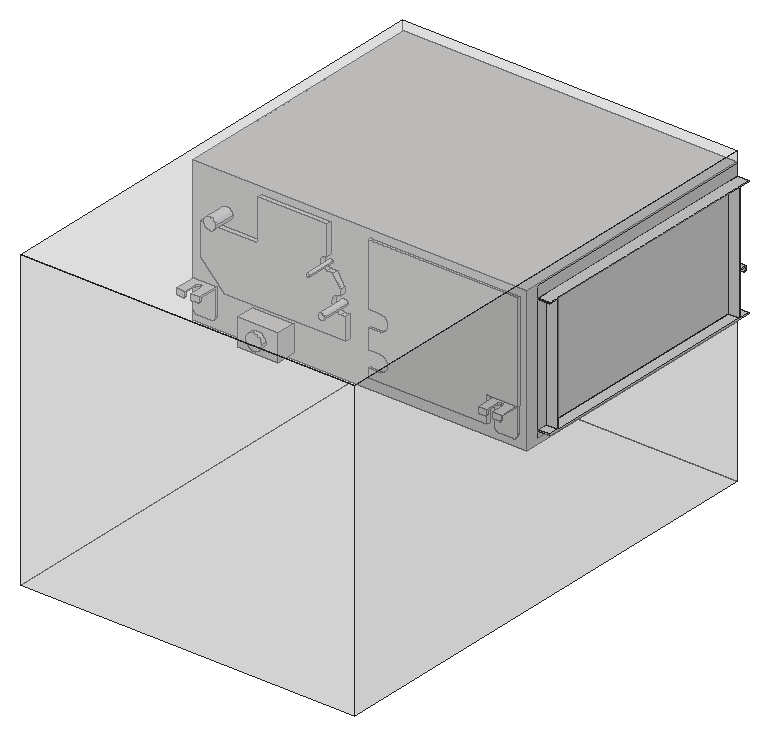
Revit family "outputfile", category 機械設備, Revit 2024
Family settings
  丸型コネクタ寸法 = 半径を使用
  パーツ タイプ = 標準
  OmniClass 番号 = 23.75.10.24.21.27.27
  OmniClass タイトル = Split System Air Conditioning Units
  作業面ベース = いいえ
  常に垂直 = はい
  ロード時にボイドで切り取り = いいえ
  注釈の向きを維持 = いいえ
  共有 = いいえ
  部屋計算ポイント = はい
Parameters (values of type "FXMQ32PAVE")
  Description = ""
  製造元 = "Daikin"
  書き出し IFC クラス(タイプ) = "IfcUnitaryEquipmentType"
  定義済み IFC タイプ(タイプ) = "AIRCONDITIONINGUNIT"
  Cost = 0
  モデル = "FXMQ32PAVE"
  Type Comments = ""
  Keynote = ""
  Type Image = (empty or 0)
  Assembly Code = ""
  r_Liquid Pipe Size = Liquid Pipe Size / 2  # 3.2 mm
  r_Gas Pipe Size = Gas Pipe Size / 2  # 6.35 mm
  r_Drain Pipe Size = Drain Pipe Size / 2  # 12.5 mm
  lw_power = 396.0 mm  # constant formula
  lh_SA = 165.0 mm  # constant formula
  lw_SA = if(Depth = 550.0 mm, 210.0 mm, if(Depth = 700.0 mm, 285.0 mm, if(Depth = 1000.0 mm, 435.0 mm, 635.0 mm)))  # 210.0 mm
  lw_RA = if(Depth = 550.0 mm, 288.0 mm, if(Depth = 700.0 mm, 363.0 mm, if(Depth = 1000.0 mm, 513.0 mm, 713.0 mm)))  # 288.0 mm
  lh_power = 60.0 mm + [h***]  # 60.0 mm
  lh_mountinghole1 = lh_mountinghole + [h***]  # 80.0 mm
  lh_RA = 150.0 mm  # constant formula
  ld_power = Depth / 2  # 275.0 mm
  Voltage_comment_60Hz = "220"
  Voltage_comment_50Hz = "220-240"
  Voltage_60Hz = 220 V
  Voltage_50Hz = 220 V
  URL = ""
  Supply Air Direction [instance] = yes
  Sound Power Level_H speed (dB) = 52
  Phase_60Hz = 1
  Phase_50Hz = 1
  Minimum External Static Pressure = 30.00 Pa
  Minimum Circuit Amps_60Hz = 0.6 A
  Minimum Circuit Amps_50Hz = 0.6 A
  Maximum Fuse Amps_60Hz = 16.0 A
  Maximum Fuse Amps_50Hz = 16.0 A
  Maximum External Static Pressure = 100.00 Pa
  Material_Casing = DAIKIN_GalvanizedSteel_Casing_indoorunit
  lw_mountinghole = 631.0 mm  # constant formula
  lh_gaspipe = 144.0 mm + [h***]  # 144.0 mm
  lh_mountinghole = 80.0 mm  # constant formula
  lh_liquidpipe = 212.0 mm + [h***]  # 212.0 mm
  lh_drainpipe = 232.0 mm + [h***]  # 232.0 mm
  lh_antena = Height - lh_mountinghole + 1.0 mm  # 221.0 mm
  ld_drainpipe = Depth / 2 + 54.0 mm  # 329.0 mm
  ld_liquidpipe = 335.0 mm
  ld_gaspipe = 335.0 mm
  ld_mountinghole = Depth + 38.0 mm  # 588.0 mm
  h*** = 0.0 mm  # constant formula
  lw_liquidpipe = 290.0 mm  # constant formula
  lw_gaspipe = 318.0 mm  # constant formula
  lw_drainpipe = 80.0 mm  # constant formula
  Width = 700.0 mm
  Version = "ver.1.0"
  Unit Type = "Middle-High Static Pressure Duct Type"
  Unit Mass Weight = 25.00 kg
  Unit Designation [instance] = ""
  Uniclass2015Version = "Products v1.30"
  Uniclass2015Title = "Variable refrigerant flow units"
  Uniclass2015Code = "Pr_70_65_03_94"
  Total Heating Capacity [instance] = 0.000 kW
  Total Cooling Capacity [instance] = 0.000 kW
  Sound Pressure Level_M speed (dBA) = 0
  Sound Pressure Level_L speed (dBA) = 30
  Sound Pressure Level_H speed (dBA) = 34
  Series = "VRV Fan Coil Unit"
  Sensible Cooling Capacity [instance] = 0.000 kW
  SA Duct Size Width = if(Depth = 550.0 mm, 310.0 mm, if(Depth = 700.0 mm, 460.0 mm, if(Depth = 1000.0 mm, 760.0 mm, 1160.0 mm)))  # 310.0 mm
  SA Duct Size Height = 215.0 mm
  Refrigerant Type = "R410A"
  RA Duct Size Width = if(Depth = 550.0 mm, 475.0 mm, if(Depth = 700.0 mm, 625.0 mm, if(Depth = 1000.0 mm, 925.0 mm, 1325.0 mm)))  # 475.0 mm
  RA Duct Size Height = 247.0 mm
  Power Input (Heating) = 0.073 kW
  Power Input (Cooling) = 0.085 kW
  Option Accessory 3 [instance] = ""
  Option Accessory 2 [instance] = ""
  Option Accessory 1 [instance] = ""
  Nominal Heating Capacity = 4.000 kW
  Nominal Cooling Capacity = 3.600 kW
  Minimum Airflow = 420.00 m³/h
  Median Airflow = 480.00 m³/h
  Maximum Airflow = 570.00 m³/h
  Load Classification = HVAC
  Liquid Pipe Size = 6.4 mm
  Link_Nested Family [instance] = ""
  IfcVersion = "0"
  IfcExportType = "AIRCONDITIONINGUNIT"
  IfcExportAs = "IfcUnitaryEquipmentType"
  Height = 300.0 mm
  Heating Entering Wet Bulb Temperature [instance] = 0.00 °C
  Heating Entering Dry Bulb Temperature [instance] = 0.00 °C
  Heating Ambient Wet Bulb Temperature [instance] = 0.00 °C
  Heating Ambient Dry Bulb Temperature [instance] = 0.00 °C
  Heat Exchanger Type = "Cross Fin Coil"
  Gas Pipe Size = 12.7 mm
  Frequency_60Hz = 60 Hz
  Frequency_50Hz = 50 Hz
  Fan Type = "Sirocco Fan"
  Fan Drive = "Direct Drive"
  FCU Tag No. [instance] = ""
  Drain Pipe Size = 25.0 mm
  Design Supply Airflow [instance] = 0.00 m³/h
  Design Return Airflow [instance] = 0.00 m³/h
  Design External Static Pressure [instance] = 0.00 Pa
  Depth = 550.0 mm
  既定の高さ = 0.0 mm
  Cooling Entering Wet Bulb Temperature [instance] = 0.00 °C
  Cooling Entering Dry Bulb Temperature [instance] = 0.00 °C
  Cooling Ambient Wet Bulb Temperature [instance] = 0.00 °C
  Cooling Ambient Dry Bulb Temperature [instance] = 0.00 °C
  Clearance visibility [instance] = yes
  Clearance Top = 20.0 mm
  Clearance Right = 0.0 mm
  Clearance Rear = 0.0 mm
  Clearance Left = 0.0 mm
  Clearance Front = 450.0 mm
  Clearance Bottom = 300.0 mm
Reference planes
  plane 1 "Center (Front/Back)": y = 0
  plane 2 "h": z = 0
  plane 3 "Center (Left/Right)": x = 0
  plane 4 "Back": y = 275
  plane 5 "Front": y = -275
  plane 6 "Left": x = -350
  plane 7 "Reight": x = 350
  plane 8 "Top": z = 0
  plane 9 "Bottom": z = -300
  plane 10: y = -215
  plane 11: y = 275
  plane 12: y = -725
  plane 13: x = -350
  plane 14: x = 350
  plane 15: z = 20
  plane 16: z = -600
  plane 17: x = -350
  plane 18: z = -135
  plane 19: x = -349
  plane 20: x = 349
  plane 21: y = 65
  plane 22: y = 13
  plane 23: z = -150
  plane 24: y = -285.8
  plane 25: z = -14
  plane 26: z = -219
  plane 27: x = -324
  plane 28: x = -60
  plane 29: x = -20
  plane 30: z = -156
  plane 31: x = -32
  plane 32: z = -88
  plane 33: x = 23
  plane 34: x = 335
  plane 35: z = -15.8
  plane 36: z = -274.8
  plane 37: z = -219.8
  plane 38: x = 271
  plane 39: x = -223.3
  plane 40: x = -138.3
  plane 41: z = -232.7
  plane 42: z = -288.5
  plane 43: y = -316
  plane 44: x = -181
  plane 45: z = -260
  plane 46: y = -326
  plane 47: z = -163.8
  plane 48: z = -239.8
  plane 49: x = 46
  plane 50: z = -88
  plane 51: x = -60
  plane 52: y = -335
  plane 53: z = -156
  plane 54: x = -32
  plane 55: y = -329
  plane 56: z = -68
  plane 57: x = -270
  plane 58: x = -270
  plane 59: x = -60
  plane 60: x = -32
  plane 61: x = 46
  plane 62: x = -323
  plane 63: x = 308
  plane 64: y = -294
  plane 65: y = 294
  plane 66: z = -220
  plane 67: y = -281
  plane 68: x = -204
  plane 69: z = -100.2
  plane 70: x = -374
  plane 71: x = 374
Forms (mm)
  Extrusion 1, solid, material "DAIKIN_GalvanizedSteel_Casing_indoorunit" <- "Material_Casing"
    sketch origin (0, 0, 0) x (1, 0, 0) y (0, 1, 0)
      loop
        line (-349, 275) -> (-349, -275) -> (349, -275) -> (349, 275) -> (-349, 275)
    from -300 to 0
  Extrusion 2, solid, material "DAIKIN_GalvanizedSteel_Casing_indoorunit" <- "Material_Casing"
    sketch origin (0, 0, 0) x (1, 0, 0) y (0, 0, 1)
      loop
        line (-324, -100.2) -> (-324, -168) -> (-273, -219) -> (-20, -219) -> (-20, -173.5) -> (-32, -173.5)
        arc (-32, -173.5) -> (-49.5, -156) -> (-32, -138.5) r 17.5
        line (-32, -138.5) -> (-32, -127.5) -> (-47, -101) -> (-60, -101)
        arc (-60, -101) -> (-73, -88) -> (-60, -75) r 13
        line (-60, -75) -> (-60, -14) -> (-204, -14) -> (-204, -100.2) -> (-324, -100.2)
    from 275 to 285.8
  Extrusion 3, solid, material "DAIKIN_GalvanizedSteel_Casing_indoorunit" <- "Material_Casing"
    sketch origin (0, 0, 0) x (1, 0, 0) y (0, 0, 1)
      loop
        line (23, -274.8) -> (271, -274.8) -> (271, -219.8) -> (335, -219.8) -> (335, -15.8) -> (23, -15.8) -> (23, -146.3) -> (46, -146.3)
        arc (46, -146.3) -> (63.5, -163.8) -> (46, -181.3) r 17.5
        line (46, -181.3) -> (23, -181.3) -> (23, -222.3) -> (46, -222.3)
        arc (46, -222.3) -> (63.5, -239.8) -> (46, -257.3) r 17.5
        line (46, -257.3) -> (23, -257.3) -> (23, -274.8)
    from 275 to 281
  Extrusion 4, solid, material "DAIKIN_GalvanizedSteel_Casing_indoorunit" <- "Material_Casing"
    sketch origin (0, 0, 0) x (1, 0, 0) y (0, 0, 1)
      loop
        line (-223.3, -232.7) -> (-223.3, -288.5) -> (-138.3, -288.5) -> (-138.3, -232.7) -> (-223.3, -232.7)
    from 275 to 316
  Extrusion 5, solid, material "DAIKIN_GalvanizedSteel_Casing_indoorunit" <- "Material_Casing"
    sketch origin (0, 0, 0) x (1, 0, 0) y (0, 0, 1)
      loop
        circle (-181, -260) r 16.5
    from 316 to 326
  Extrusion 6, solid
    sketch origin (0, 0, 0) x (1, 0, 0) y (0, 0, 1)
      loop
        circle (-60, -88) r 3.2
    from 275 to 335
  Extrusion 7, solid
    sketch origin (0, 0, 0) x (1, 0, 0) y (0, 0, 1)
      loop
        circle (-32, -156) r 6.35
    from 275 to 335
  Extrusion 8, solid
    sketch origin (0, 0, 0) x (1, 0, 0) y (0, 0, 1)
      loop
        circle (-270, -68) r 12.5
    from 285.8 to 329
Dimensions and locks
  "Height": plane 8 "Top" to plane 9 "Bottom"
  equal spacing: plane 4 "Back", plane 1 "Center (Front/Back)", plane 5 "Front"
  "Depth": plane 4 "Back" to plane 5 "Front"
  equal spacing: plane 6 "Left", plane 3 "Center (Left/Right)", plane 7 "Reight"
  "Width": plane 6 "Left" to plane 7 "Reight"
  "Clearance Left": plane 13 to plane 6 "Left"
  "Clearance Right": plane 7 "Reight" to plane 14
  "Clearance Rear": plane 11 to plane 4 "Back"
  "Clearance Front": plane 5 "Front" to plane 12
  "Clearance Top": plane 15 to plane 8 "Top"
  "Clearance Bottom": plane 9 "Bottom" to plane 16
  "lh_SA": plane 18 to plane 9 "Bottom"
  locked: plane 17 to plane 19 at 1
  locked: plane 20 to plane 14 at 1
  "lw_SA": plane 11 to plane 21
  "lw_RA": plane 22 to plane 5 "Front"
  "lh_RA": plane 23 to plane 9 "Bottom"
  locked: plane 5 "Front" to plane 24 at 10.8
  plane 29 to plane 28 to plane 27 to plane 6 "Left" = 40.0 mm, 264.0 mm, 26.0 mm
  locked: plane 31 to plane 6 "Left" at 318
  plane 34 to plane 33 to plane 6 "Left" = 312.0 mm locked, 373.0 mm locked
  locked: plane 34 to plane 38 at 64
  locked: plane 37 to plane 36 at 55
  plane 40 to plane 39 to plane 6 "Left" = 85.0 mm locked, 126.7 mm locked
  locked: plane 5 "Front" to plane 43 at 41
  locked: plane 44 to plane 6 "Left" at 169
  locked: plane 43 to plane 46 at 10
  plane 47 to plane 48 to plane 36 = 76.0 mm locked, 35.0 mm locked
  locked: plane 49 to plane 33 at 23
  "lw_liquidpipe": plane 51 to plane 6 "Left"
  "lh_liquidpipe": plane 50 to plane 9 "Bottom"
  "lh_gaspipe": plane 53 to plane 9 "Bottom"
  "lw_gaspipe": plane 54 to plane 6 "Left"
  "ld_gaspipe": plane 52 to plane 1 "Center (Front/Back)"
  "ld_drainpipe": plane 55 to plane 1 "Center (Front/Back)"
  "lh_drainpipe": plane 56 to plane 9 "Bottom"
  "lw_drainpipe": plane 57 to plane 6 "Left"
  "lw_drainpipe": plane 6 "Left" to plane 58
  "lw_liquidpipe": plane 6 "Left" to plane 59
  "lw_gaspipe": plane 6 "Left" to plane 60
  "lw_power": plane 6 "Left" to plane 61
  plane 17 to plane 62 = 27.0 mm
  "lw_mountinghole": plane 62 to plane 63
  equal spacing: plane 64, plane 1 "Center (Front/Back)", plane 65
  "ld_mountinghole": plane 65 to plane 64
  "lh_mountinghole": plane 66 to plane 9 "Bottom"
  plane 8 "Top" to plane 41 to plane 42 = 232.7 mm locked, 55.8 mm locked
  locked: plane 8 "Top" to plane 45 at 260
  plane 8 "Top" to plane 25 to plane 26 = 14.0 mm locked, 205.0 mm locked
  plane 8 "Top" to plane 32 to plane 30 = 88.0 mm locked, 68.0 mm locked
  plane 8 "Top" to plane 35 to plane 36 = 15.8 mm locked, 259.0 mm locked
  locked: plane 5 "Front" to plane 67 at 6
  locked: plane 25 to plane 69 at 86.2
  locked: plane 27 to plane 68 at 120
  locked: plane 70 to plane 6 "Left" at 24
  locked: plane 14 to plane 71 at 24
  "r_Liquid Pipe Size": radius of Extrusion 6 sketch curve
  "r_Gas Pipe Size": radius of Extrusion 7 sketch curve
  "r_Drain Pipe Size": radius of Extrusion 8 sketch curve
  aligned and locked: level to plane 2 "h"
  aligned and locked: plane 8 "Top" to Extrusion 1
  aligned and locked: Extrusion 1 to plane 9 "Bottom"
  aligned and locked: nested 5 to plane 12
  aligned and locked: plane 13 to nested 5
  aligned and locked: plane 14 to nested 5
  aligned and locked: nested 5 to plane 13
  aligned and locked: plane 11 to nested 5
  aligned and locked: plane 15 to nested 5
  aligned and locked: plane 16 to nested 5
  aligned and locked: plane 5 "Front" to Extrusion 1 sketch curve
  aligned and locked: Extrusion 1 to plane 19
  aligned and locked: plane 20 to Extrusion 1
  aligned and locked: nested 7 to plane 19
  aligned and locked: nested 7 to plane 21
  aligned and locked: plane 18 to nested 7
  aligned and locked: plane 20 to nested 8
  aligned and locked: plane 22 to nested 8
  aligned and locked: plane 23 to nested 8
  aligned and locked: Extrusion 2 to plane 24
  aligned and locked: plane 5 "Front" to Extrusion 2
  aligned and locked: plane 36 to Extrusion 3 sketch curve
  aligned and locked: plane 38 to Extrusion 3 sketch curve
  aligned and locked: plane 37 to Extrusion 3 sketch curve
  aligned and locked: Extrusion 3 sketch curve to plane 34
  aligned and locked: Extrusion 3 sketch curve to plane 35
  aligned and locked: Extrusion 3 sketch curve to plane 33
  aligned and locked: plane 5 "Front" to Extrusion 3
  aligned and locked: Extrusion 4 sketch curve to plane 41
  aligned and locked: Extrusion 4 sketch curve to plane 39
  aligned and locked: plane 42 to Extrusion 4 sketch curve
  aligned and locked: plane 40 to Extrusion 4 sketch curve
  aligned and locked: Extrusion 4 to plane 43
  aligned and locked: plane 5 "Front" to Extrusion 4
  aligned and locked: Extrusion 5 sketch curve to plane 44
  aligned and locked: plane 45 to Extrusion 5 sketch curve
  aligned and locked: Extrusion 5 to plane 46
  aligned and locked: plane 43 to Extrusion 5
  aligned and locked: Extrusion 6 sketch curve to plane 51
  aligned and locked: plane 50 to Extrusion 6 sketch curve
  aligned and locked: Extrusion 6 to plane 52
  aligned and locked: plane 5 "Front" to Extrusion 6
  aligned and locked: Extrusion 7 sketch curve to plane 54
  aligned and locked: plane 53 to Extrusion 7 sketch curve
  aligned and locked: Extrusion 7 to Extrusion 6
  aligned and locked: plane 5 "Front" to Extrusion 7
  aligned and locked: Extrusion 8 sketch curve to plane 57
  aligned and locked: plane 56 to Extrusion 8 sketch curve
  aligned and locked: Extrusion 8 to plane 55
  aligned and locked: plane 24 to Extrusion 8
  aligned and locked: nested 3 to plane 55
  aligned and locked: plane 58 to nested 3
  aligned and locked: nested 2 to plane 59
  aligned and locked: nested 2 to plane 52
  aligned and locked: nested 1 to plane 60
  aligned and locked: Extrusion 7 to plane 52
  aligned and locked: nested 1 to plane 52
  aligned and locked: nested 6 to plane 5 "Front"
  aligned and locked: plane 61 to nested 6
  aligned and locked: plane 62 to nested 10
  aligned and locked: nested 10 to plane 5 "Front"
  aligned and locked: plane 63 to nested 9
  aligned and locked: nested 9 to plane 5 "Front"
  aligned and locked: nested 11 to plane 62
  aligned and locked: plane 4 "Back" to nested 11
  aligned and locked: nested 12 to plane 63
  aligned and locked: plane 4 "Back" to nested 12
  aligned and locked: plane 66 to nested 10
  aligned and locked: plane 66 to nested 11
  aligned and locked: plane 66 to nested 9
  aligned and locked: plane 66 to nested 12
  aligned and locked: plane 62 to nested 14
  aligned and locked: nested 14 to plane 65
  aligned and locked: plane 63 to nested 13
  aligned and locked: nested 13 to plane 65
  aligned and locked: plane 63 to nested 16
  aligned and locked: plane 64 to nested 16
  aligned and locked: plane 64 to nested 15
  aligned and locked: plane 62 to nested 15
  aligned and locked: Extrusion 3 to plane 67
  aligned and locked: Extrusion 2 sketch curve to plane 68
  aligned and locked: plane 69 to Extrusion 2 sketch curve
  aligned and locked: nested 17 to plane 21
  aligned and locked: nested 17 to plane 70
  aligned and locked: plane 18 to nested 17
  aligned and locked: plane 22 to nested 18
  aligned and locked: plane 71 to nested 18
  aligned and locked: nested 18 to plane 23
  aligned and locked: nested 4 to plane 3 "Center (Left/Right)"
  aligned and locked: plane 1 "Center (Front/Back)" to nested 4
  aligned and locked: level to plane 8 "Top"
Automatic sketch dimensions
  plane 6 "Left" to Extrusion 1 sketch curve = 1.0 mm
  Extrusion 1 sketch curve to plane 7 "Reight" = 1.0 mm
  Extrusion 1 sketch curve to plane 4 "Back" = 0.0 mm
  Extrusion 3 sketch curve to plane 33 = 0.0 mm  (x2)
  Extrusion 3 sketch curve to plane 47 = 0.0 mm
  Extrusion 3 sketch curve to plane 49 = 0.0 mm  (x4)
  Extrusion 3 sketch curve to plane 48 = 0.0 mm
  Extrusion 3 sketch curve to plane 37 = 2.5 mm
  plane 23 to Extrusion 3 sketch curve = 3.7 mm
  plane 27 to Extrusion 2 sketch curve = 0.0 mm
  Extrusion 2 sketch curve to plane 26 = 0.0 mm
  Extrusion 2 sketch curve to plane 28 = 0.0 mm
  Extrusion 2 sketch curve to plane 31 = 0.0 mm
  Extrusion 2 sketch curve to plane 29 = 0.0 mm
  Extrusion 2 sketch curve to plane 30 = 0.0 mm
  Extrusion 2 sketch curve to plane 32 = 0.0 mm
  Extrusion 2 sketch curve to plane 25 = 0.0 mm
  Extrusion 2 sketch curve to Extrusion 2 sketch curve = 13.0 mm
  Extrusion 2 sketch curve to Extrusion 2 sketch curve = 17.5 mm
  plane 18 to Extrusion 2 sketch curve = 7.5 mm
  Extrusion 2 sketch curve to plane 58 = 3.0 mm
  Extrusion 2 sketch curve to plane 30 = 12.0 mm
  Extrusion 2 sketch curve to Extrusion 2 sketch curve = 0.8 mm
  radius of Extrusion 5 sketch curve = 16.5 mm
Nested families
  nested 1: "daikin_connector_rotate2" at (-32, 0, -156), length <- "ld_gaspipe", built-in parameter 1001364 <- "lh_gaspipe", radius <- "r_Gas Pipe Size", type "daikin_connector_rotate2"
    with radius 6.35 mm, length 335.0 mm, angle_vertical 90.00°
  nested 2: "daikin_connector_rotate2" at (-60, 0, -88), length <- "ld_liquidpipe", built-in parameter 1001364 <- "lh_liquidpipe", radius <- "r_Liquid Pipe Size", type "daikin_connector_rotate2"
    with radius 3.2 mm, length 335.0 mm, angle_vertical 90.00°
  nested 3: "daikin_connector_rotate2" at (-270, 0, -68), length <- "ld_drainpipe", built-in parameter 1001364 <- "lh_drainpipe", radius <- "r_Drain Pipe Size", type "daikin_connector_rotate2"
    with radius 12.5 mm, length 329.0 mm, angle_vertical 90.00°
  nested 4: "daikin_△_symbolicline" at (0, 0, 300) x (0, -1, 0) z (0, 0, 1), built-in parameter 1001364 <- "Height", visible <- "Supply Air Direction", type "daikin_△_symbolicline"
    with length 200.0 mm
  nested 5: "daikin_clearancespace" at (0, -225, -289.881), visible <- "Clearance visibility", show <- "Clearance visibility", Link_Nested Family <- "Link_Nested Family", type "daikin_clearancespace"
    with width 700.0 mm, show yes, height 620.0 mm, depth 1000.0 mm, Link_Nested Family ""
  nested 6: "daikin_connector_rotate2" at (46, 0, -240), built-in parameter 1001364 <- "lh_power", length <- "ld_power", type "daikin_connector_rotate2"
    with radius 10.0 mm, length 275.0 mm, angle_vertical 90.00°
  nested 7: "daikin_ductflange_FXMQ-PAVE2" at (-349, 65, -135) x (0, -1, 0) z (0, 0, 1), type "daikin_ductflange_FXMQ-PAVE2"
  nested 8: "daikin_ductflange_FXMQ-PAVE" at (349, 13, -150) x (0, 1, 0) z (0, 0, 1), type "daikin_ductflange_FXMQ-PAVE"
  nested 9: "daikin_hangerfixture_FXMQ-PAVE" at (308, -275, -220), type "daikin_hangerfixture_FXMQ-PAVE"
  nested 10: "daikin_hangerfixture_FXMQ-PAVE" at (-323, -275, -220), type "daikin_hangerfixture_FXMQ-PAVE"
  nested 11: "daikin_hangerfixture_FXMQ-PAVE" at (-323, 275, -220) x (-1, 0, 0) z (0, 0, 1), type "daikin_hangerfixture_FXMQ-PAVE"
  nested 12: "daikin_hangerfixture_FXMQ-PAVE" at (308, 275, -220) x (-1, 0, 0) z (0, 0, 1), type "daikin_hangerfixture_FXMQ-PAVE"
  nested 13: "daikin_mountinghole" at (308, 294, -300), h_mountinghole <- "lh_mountinghole1", l_antenna <- "lh_antena", Link_Nested Family <- "Link_Nested Family", type "daikin_mountinghole"
    with show yes, l_antenna 221.0 mm, h_mountinghole 80.0 mm, Link_Nested Family ""
  nested 14: "daikin_mountinghole" at (-323, 294, -300), h_mountinghole <- "lh_mountinghole1", l_antenna <- "lh_antena", Link_Nested Family <- "Link_Nested Family", type "daikin_mountinghole"
    with show yes, l_antenna 221.0 mm, h_mountinghole 80.0 mm, Link_Nested Family ""
  nested 15: "daikin_mountinghole" at (-323, -294, -300), h_mountinghole <- "lh_mountinghole1", l_antenna <- "lh_antena", Link_Nested Family <- "Link_Nested Family", type "daikin_mountinghole"
    with show yes, l_antenna 221.0 mm, h_mountinghole 80.0 mm, Link_Nested Family ""
  nested 16: "daikin_mountinghole" at (308, -294, -300), h_mountinghole <- "lh_mountinghole1", l_antenna <- "lh_antena", Link_Nested Family <- "Link_Nested Family", type "daikin_mountinghole"
    with show yes, l_antenna 221.0 mm, h_mountinghole 80.0 mm, Link_Nested Family ""
  nested 17: "daikin_connector_rotate2" at (-350, 65, -135) x (0, -1, 0) z (0, 0, 1), type "daikin_connector_rotate2"
    with radius 10.0 mm, length 24.0 mm, angle_vertical 90.00°
  nested 18: "daikin_connector_rotate2" at (350, 13, -150) x (0, 1, 0) z (0, 0, 1), type "daikin_connector_rotate2"
    with radius 10.0 mm, length 24.0 mm, angle_vertical 90.00°
Connectors
  piping at (-270, -329, -68), diameter 25, driven by "r_Drain Pipe Size"
    settings: on nested 3, index 3, connector inside diameter 609.6 mm, connector length 0.0 mm, flow factor 0, pipe flow 0.00 m³/h, pressure drop 0.0 Pa, fitting loss kfactor 0, connector angle 0.00°, fixture units 0, engagement length 0.0 mm, angle of deflection 0.00°, flow configuration 1, flow direction 2, fitting loss method 4, system type 16, joint type 0, gender type 0, connector reference index -1, connector utility 0, adjustable connector no, is connector primary yes, connector description "Condensate Drain Piping"
  piping at (-32, -335, -156), diameter 12.7, driven by "r_Gas Pipe Size"
    settings: on nested 1, index 4, connector inside diameter 609.6 mm, connector length 0.0 mm, flow factor 0, pipe flow 0.00 m³/h, pressure drop 0.0 Pa, fitting loss kfactor 0, connector angle 0.00°, fixture units 0, engagement length 0.0 mm, angle of deflection 0.00°, flow configuration 1, flow direction 2, fitting loss method 0, system type 29, joint type 0, gender type 0, connector reference index -1, connector utility 0, adjustable connector no, is connector primary no, connector description "Refrigerant Gas Piping"
  piping at (-60, -335, -88), diameter 6.4, driven by "r_Liquid Pipe Size"
    settings: on nested 2, index 5, connector inside diameter 609.6 mm, connector length 0.0 mm, flow factor 0, pipe flow 0.00 m³/h, pressure drop 0.0 Pa, fitting loss kfactor 0, connector angle 0.00°, fixture units 0, engagement length 0.0 mm, angle of deflection 0.00°, flow configuration 1, flow direction 1, fitting loss method 0, system type 29, joint type 0, gender type 0, connector reference index -1, connector utility 0, adjustable connector no, is connector primary no, connector description "Refrigerant Liquid Piping"
  electrical at (46, -275, -240), driven by "Load Classification"
    settings: on nested 6, index 6, voltage 0 V, apparent load 0 VA, apparent load phase1 0 VA, apparent load phase2 0 VA, apparent load phase3 0 VA, power factor 1, load classification "HVAC", number of poles 1, system type 30, power factor state 1, is connector primary yes, connector utility no, sub classification motor no, connector description "Power Supply"
  hvac at (-374, 65, -135), driven by "SA Duct Size Height", driven by "SA Duct Size Width"
    settings: on nested 17, index 7, duct flow 0.00 m³/h, flow factor 0, pres drop 0.00 Pa, loss coef 0, conn angle 0.00°, conn width 310.0 mm, conn height 215.0 mm, conn diameter 609.6 mm, duct sys type 1, conn prof type 1, flow config 0, flow direction 2, loss method 4, conn ref index -1, conn util no, is conn primary yes, conn desc "SA Duct"
  hvac at (374, 13, -150), driven by "RA Duct Size Height", driven by "RA Duct Size Width"
    settings: on nested 18, index 8, duct flow 0.00 m³/h, flow factor 0, pres drop 0.00 Pa, loss coef 0, conn angle 0.00°, conn width 475.0 mm, conn height 247.0 mm, conn diameter 609.6 mm, duct sys type 2, conn prof type 1, flow config 0, flow direction 1, loss method 4, conn ref index -1, conn util no, is conn primary no, conn desc "RA Duct"
Definition of nested family "daikin_clearancespace"
  Parameters (values of type "daikin_clearancespace")
    width [instance] = 1823.963 mm
    show [instance] = yes
    material = none
    height [instance] = 1359.762 mm
    depth [instance] = 880.0 mm
    Default Elevation = 0.0 mm
    Link_Nested Family [instance] = ""
  Reference planes
    plane 1 "Center (Front/Back)": y = 0
    plane 2 "Center (Elevation)": z = -0.119
    plane 3 "Center (Left/Right)": x = 0
    plane 4: y = 440
    plane 5: y = -440
    plane 6 "Right": x = 911.982
    plane 7 "Left": x = -911.982
    plane 8 "Top": z = 679.762
    plane 9 "Bottom": z = -680
  Forms (mm)
    Extrusion 1, solid, material <- "material", visible <- "show"
      sketch origin (0, 0, 0) x (1, 0, 0) y (0, 1, 0)
        loop
          line (-911.982, 440) -> (-911.982, -440) -> (911.982, -440) -> (911.982, 440) -> (-911.982, 440)
      from -680 to 679.762
  Lines and regions (mm)
    symbolic lines, visible <- "show"
      curve 1: line (911.982, 440, 0) -> (-911.982, 440, 0)
      curve 2: line (-911.982, 440, 0) -> (-911.982, -440, 0)
      curve 3: line (-911.982, -440, 0) -> (911.982, -440, 0)
      curve 4: line (911.982, -440, 0) -> (911.982, 440, 0)
      curve 5: line (911.982, 0, 679.762) -> (-911.982, 0, 679.762)
      curve 6: line (911.982, 0, -680) -> (911.982, 0, 679.762)
      curve 7: line (-911.982, 0, -680) -> (911.982, 0, -680)
      curve 8: line (-911.982, 0, 679.762) -> (-911.982, 0, -680)
      curve 9: line (0, 440, 679.762) -> (0, -440, 679.762)
      curve 10: line (0, -440, 679.762) -> (0, -440, -680)
      curve 11: line (0, 440, -680) -> (0, 440, 679.762)
      curve 12: line (0, -440, -680) -> (0, 440, -680)
  Dimensions and locks
    "width": plane 7 "Left" to plane 6 "Right"
    "depth": plane 4 to plane 5
    "height": plane 8 "Top" to plane 9 "Bottom"
    equal spacing: plane 7 "Left", plane 3 "Center (Left/Right)", plane 6 "Right"
    equal spacing: plane 4, plane 1 "Center (Front/Back)", plane 5
    equal spacing: plane 8 "Top", plane 2 "Center (Elevation)", plane 9 "Bottom"
    aligned and locked: level to plane 2 "Center (Elevation)"
    aligned and locked: Extrusion 1 sketch curve to plane 4
    aligned and locked: plane 7 "Left" to Extrusion 1 sketch curve
    aligned and locked: Extrusion 1 sketch curve to plane 5
    aligned and locked: Extrusion 1 sketch curve to plane 6 "Right"
    aligned and locked: plane 8 "Top" to Extrusion 1
    aligned and locked: curve 1 to Extrusion 1
    aligned and locked: curve 2 to Extrusion 1
    aligned and locked: curve 3 to Extrusion 1
    aligned and locked: curve 4 to Extrusion 1
    aligned and locked: curve 5 to Extrusion 1
    aligned and locked: curve 6 to Extrusion 1
    aligned and locked: curve 7 to Extrusion 1
    aligned and locked: curve 8 to Extrusion 1
    aligned and locked: curve 9 to Extrusion 1
    aligned and locked: curve 10 to Extrusion 1
    aligned and locked: curve 11 to Extrusion 1
    aligned and locked: curve 12 to Extrusion 1
    aligned and locked: Extrusion 1 to plane 9 "Bottom"
Definition of nested family "daikin_ductflange_FXMQ-PAVE2"
  Parameters (values of type "daikin_ductflange_FXDSQ-AVM2")
    width = if(w = 550.0 mm, 310.0 mm, if(w = 700.0 mm, 460.0 mm, if(w = 1000.0 mm, 760.0 mm, 1160.0 mm)))  # 310.0 mm
    material = none
    height = 215.0 mm
    depth = 1.0 mm
    w = 550.0 mm
    Default Elevation = 0.0 mm
  Reference planes
    plane 1 "Center (Front/Back)": y = 0
    plane 2: z = 0
    plane 3 "Center (Left/Right)": x = 0
    plane 4: z = 107.5
    plane 5: z = -107.5
    plane 6: y = -25
    plane 7: z = 132.5
    plane 8: z = 108.5
    plane 9: y = -1
    plane 10: x = -177.5
    plane 11: x = 177.5
    plane 12: z = -132.5
    plane 13: z = -108.5
    plane 14: y = -1
    plane 15: x = 155
    plane 16: x = -155
    plane 17: x = 156
    plane 18: z = 106.5
    plane 19: z = -106.5
    plane 20: x = -156
    plane 21: z = 106.5
    plane 22: z = -106.5
    plane 23: y = -1
  Forms (mm)
    Extrusion 1, solid, material <- "material"
      sketch origin (0, 0, 0) x (0, 1, 0) y (0, 0, 1)
        loop
          line (-25, 107.5) -> (0, 107.5) -> (0, 132.5) -> (-1, 132.5) -> (-1, 108.5) -> (-25, 108.5) -> (-25, 107.5)
      from -177.5 to 177.5
    Extrusion 2, solid, material <- "material"
      sketch origin (0, 0, 0) x (0, 1, 0) y (0, 0, 1)
        loop
          line (-25, -107.5) -> (-25, -108.5) -> (-1, -108.5) -> (-1, -132.5) -> (0, -132.5) -> (0, -107.5) -> (-25, -107.5)
      from -177.5 to 177.5
    Extrusion 3, solid, material <- "material"
      sketch origin (0, 0, 0) x (1, 0, 0) y (0, 0, 1)
        loop
          line (155, 107.5) -> (155, -107.5) -> (177.5, -107.5) -> (177.5, -106.5) -> (156, -106.5) -> (156, 106.5) -> (177.5, 106.5) -> (177.5, 107.5) -> (155, 107.5)
      from 0 to 25
    Extrusion 4, solid, material <- "material"
      sketch origin (0, 0, 0) x (1, 0, 0) y (0, 0, 1)
        loop
          line (-177.5, 107.5) -> (-177.5, 106.5) -> (-156, 106.5) -> (-156, -106.5) -> (-177.5, -106.5) -> (-177.5, -107.5) -> (-155, -107.5) -> (-155, 107.5) -> (-177.5, 107.5)
      from 0 to 25
    Extrusion 5, solid, material <- "material"
      sketch origin (0, 0, 0) x (1, 0, 0) y (0, 0, 1)
        loop
          line (-177.5, 107.5) -> (-177.5, -107.5) -> (-155, -107.5) -> (-155, 107.5) -> (-177.5, 107.5)
        loop
          line (177.5, 107.5) -> (155, 107.5) -> (155, -107.5) -> (177.5, -107.5) -> (177.5, 107.5)
      from 0 to 1
  Cuts and joins
    joined: Extrusion 1, Extrusion 2, Extrusion 3, Extrusion 4, Extrusion 5
  Dimensions and locks
    plane 4 to level to plane 5 = 107.5 mm locked, 107.5 mm locked
    locked: plane 6 to plane 1 "Center (Front/Back)" at 25
    locked: plane 9 to plane 1 "Center (Front/Back)" at 1
    locked: plane 8 to plane 4 at 1
    locked: plane 11 to plane 15 at 22.5
    locked: plane 16 to plane 10 at 22.5
    locked: plane 17 to plane 15 at 1
    locked: plane 4 to plane 18 at 1
    locked: plane 19 to plane 5 at 1
    "width": plane 15 to plane 16
    plane 4 to plane 5 = 215.0 mm
    equal spacing: plane 15, plane 3 "Center (Left/Right)", plane 16
    locked: plane 16 to plane 20 at 1
    locked: plane 4 to plane 21 at 1
    locked: plane 22 to plane 5 at 1
    locked: plane 23 to plane 1 "Center (Front/Back)" at 1
    aligned and locked: level to plane 2
    aligned and locked: Extrusion 1 to plane 10
    aligned and locked: plane 11 to Extrusion 1
    aligned and locked: plane 5 to Extrusion 2
    aligned and locked: Extrusion 2 to plane 1 "Center (Front/Back)"
    aligned and locked: plane 15 to Extrusion 3 sketch curve
    aligned and locked: Extrusion 3 sketch curve to Extrusion 2  (x2)
    aligned and locked: Extrusion 3 sketch curve to plane 11
    aligned and locked: plane 6 to Extrusion 3
    aligned and locked: Extrusion 2 to plane 10
    aligned and locked: plane 11 to Extrusion 2
    aligned and locked: Extrusion 4 sketch curve to Extrusion 1  (x2)
    aligned and locked: plane 5 to Extrusion 4 sketch curve
    aligned and locked: Extrusion 4 sketch curve to plane 16
    aligned and locked: Extrusion 4 sketch curve to plane 22
    aligned and locked: plane 20 to Extrusion 4 sketch curve
    aligned and locked: plane 21 to Extrusion 4 sketch curve
    aligned and locked: Extrusion 4 to plane 1 "Center (Front/Back)"
    aligned and locked: plane 6 to Extrusion 4
    aligned and locked: Extrusion 5 sketch curve to Extrusion 1  (x4)
    aligned and locked: Extrusion 5 sketch curve to Extrusion 4  (x2)
    aligned and locked: Extrusion 5 sketch curve to Extrusion 3  (x2)
    aligned and locked: Extrusion 5 to plane 1 "Center (Front/Back)"
    aligned and locked: plane 23 to Extrusion 5
  Automatic sketch dimensions
    Extrusion 1 sketch curve to plane 6 = 0.0 mm
    Extrusion 1 sketch curve to plane 7 = 0.0 mm
    Extrusion 1 sketch curve to plane 9 = 0.0 mm
    Extrusion 1 sketch curve to plane 1 "Center (Front/Back)" = 0.0 mm
    Extrusion 1 sketch curve to plane 4 = 0.0 mm
    Extrusion 1 sketch curve to plane 8 = 0.0 mm
    Extrusion 2 sketch curve to plane 6 = 0.0 mm
    plane 12 to Extrusion 2 sketch curve = 0.0 mm
    Extrusion 2 sketch curve to plane 14 = 0.0 mm
    Extrusion 2 sketch curve to plane 1 "Center (Front/Back)" = 0.0 mm
    plane 13 to Extrusion 2 sketch curve = 0.0 mm
    Extrusion 2 sketch curve to plane 5 = 0.0 mm
    Extrusion 3 sketch curve to plane 17 = 0.0 mm
    Extrusion 3 sketch curve to plane 19 = 0.0 mm
    Extrusion 3 sketch curve to plane 18 = 0.0 mm
    Extrusion 3 sketch curve to plane 4 = 0.0 mm
    Extrusion 4 sketch curve to plane 10 = 0.0 mm
Definition of nested family "daikin_ductflange_FXMQ-PAVE"
  Parameters (values of type "daikin_ductflange_FXDSQ-AVM")
    width = if(w = 550.0 mm, 475.0 mm, if(w = 700.0 mm, 625.0 mm, if(w = 1000.0 mm, 925.0 mm, 1325.0 mm)))  # 475.0 mm
    material = none
    height = 247.0 mm
    depth = 1.0 mm
    w = 550.0 mm
    Default Elevation = 0.0 mm
  Reference planes
    plane 1 "Center (Front/Back)": y = 0
    plane 2: z = 0
    plane 3 "Center (Left/Right)": x = 0
    plane 4: z = 123.5
    plane 5: z = -123.5
    plane 6: y = -25
    plane 7: z = 146.5
    plane 8: z = 124.5
    plane 9: y = -1
    plane 10: x = -260
    plane 11: x = 260
    plane 12: z = -137
    plane 13: z = -124.5
    plane 14: y = -1
    plane 15: x = 237.5
    plane 16: x = -237.5
    plane 17: x = 238.5
    plane 18: z = 122.5
    plane 19: z = -122.5
    plane 20: x = -238.5
    plane 21: z = 122.5
    plane 22: z = -122.5
    plane 23: y = -1
  Forms (mm)
    Extrusion 1, solid, material <- "material"
      sketch origin (0, 0, 0) x (0, 1, 0) y (0, 0, 1)
        loop
          line (-25, 123.5) -> (0, 123.5) -> (0, 146.5) -> (-1, 146.5) -> (-1, 124.5) -> (-25, 124.5) -> (-25, 123.5)
      from -260 to 260
    Extrusion 2, solid, material <- "material"
      sketch origin (0, 0, 0) x (0, 1, 0) y (0, 0, 1)
        loop
          line (-25, -123.5) -> (-25, -124.5) -> (-1, -124.5) -> (-1, -137) -> (0, -137) -> (0, -123.5) -> (-25, -123.5)
      from -260 to 260
    Extrusion 3, solid, material <- "material"
      sketch origin (0, 0, 0) x (1, 0, 0) y (0, 0, 1)
        loop
          line (237.5, 123.5) -> (237.5, -123.5) -> (260, -123.5) -> (260, -122.5) -> (238.5, -122.5) -> (238.5, 122.5) -> (260, 122.5) -> (260, 123.5) -> (237.5, 123.5)
      from 0 to 25
    Extrusion 4, solid, material <- "material"
      sketch origin (0, 0, 0) x (1, 0, 0) y (0, 0, 1)
        loop
          line (-260, 123.5) -> (-260, 122.5) -> (-238.5, 122.5) -> (-238.5, -122.5) -> (-260, -122.5) -> (-260, -123.5) -> (-237.5, -123.5) -> (-237.5, 123.5) -> (-260, 123.5)
      from 0 to 25
    Extrusion 5, solid, material <- "material"
      sketch origin (0, 0, 0) x (1, 0, 0) y (0, 0, 1)
        loop
          line (-260, 123.5) -> (-260, -123.5) -> (-237.5, -123.5) -> (-237.5, 123.5) -> (-260, 123.5)
        loop
          line (260, 123.5) -> (237.5, 123.5) -> (237.5, -123.5) -> (260, -123.5) -> (260, 123.5)
      from 0 to 1
  Cuts and joins
    joined: Extrusion 1, Extrusion 2, Extrusion 3, Extrusion 4, Extrusion 5
  Dimensions and locks
    plane 4 to level to plane 5 = 123.5 mm, 123.5 mm
    locked: plane 6 to plane 1 "Center (Front/Back)" at 25
    locked: plane 9 to plane 1 "Center (Front/Back)" at 1
    locked: plane 8 to plane 4 at 1
    locked: plane 11 to plane 15 at 22.5
    locked: plane 16 to plane 10 at 22.5
    locked: plane 17 to plane 15 at 1
    locked: plane 4 to plane 18 at 1
    locked: plane 19 to plane 5 at 1
    "width": plane 15 to plane 16
    equal spacing: plane 15, plane 3 "Center (Left/Right)", plane 16
    locked: plane 16 to plane 20 at 1
    locked: plane 4 to plane 21 at 1
    locked: plane 22 to plane 5 at 1
    locked: plane 23 to plane 1 "Center (Front/Back)" at 1
    equal spacing: plane 4, level, plane 5
    locked: plane 7 to plane 4 at 23
    locked: plane 5 to plane 12 at 13.5
    locked: plane 1 "Center (Front/Back)" to plane 14 at 1
    locked: plane 5 to plane 13 at 1
    locked: plane 4 to plane 5 at 247
    aligned and locked: level to plane 2
    aligned and locked: Extrusion 1 to plane 10
    aligned and locked: plane 11 to Extrusion 1
    aligned and locked: plane 5 to Extrusion 2
    aligned and locked: Extrusion 2 to plane 1 "Center (Front/Back)"
    aligned and locked: plane 15 to Extrusion 3 sketch curve
    aligned and locked: Extrusion 3 sketch curve to Extrusion 2  (x2)
    aligned and locked: Extrusion 3 sketch curve to plane 11
    aligned and locked: plane 6 to Extrusion 3
    aligned and locked: Extrusion 2 to plane 10
    aligned and locked: plane 11 to Extrusion 2
    aligned and locked: Extrusion 4 sketch curve to Extrusion 1  (x2)
    aligned and locked: plane 5 to Extrusion 4 sketch curve
    aligned and locked: Extrusion 4 sketch curve to plane 16
    aligned and locked: Extrusion 4 sketch curve to plane 22
    aligned and locked: plane 20 to Extrusion 4 sketch curve
    aligned and locked: plane 21 to Extrusion 4 sketch curve
    aligned and locked: Extrusion 4 to plane 1 "Center (Front/Back)"
    aligned and locked: plane 6 to Extrusion 4
    aligned and locked: Extrusion 5 sketch curve to Extrusion 1  (x4)
    aligned and locked: Extrusion 5 sketch curve to Extrusion 4  (x2)
    aligned and locked: Extrusion 5 sketch curve to Extrusion 3  (x2)
    aligned and locked: Extrusion 5 to plane 1 "Center (Front/Back)"
    aligned and locked: plane 23 to Extrusion 5
  Automatic sketch dimensions
    Extrusion 1 sketch curve to plane 6 = 0.0 mm
    Extrusion 1 sketch curve to plane 7 = 0.0 mm
    Extrusion 1 sketch curve to plane 9 = 0.0 mm
    Extrusion 1 sketch curve to plane 1 "Center (Front/Back)" = 0.0 mm
    Extrusion 1 sketch curve to plane 4 = 0.0 mm
    Extrusion 1 sketch curve to plane 8 = 0.0 mm
    Extrusion 2 sketch curve to plane 6 = 0.0 mm
    plane 12 to Extrusion 2 sketch curve = 0.0 mm
    Extrusion 2 sketch curve to plane 14 = 0.0 mm
    Extrusion 2 sketch curve to plane 1 "Center (Front/Back)" = 0.0 mm
    plane 13 to Extrusion 2 sketch curve = 0.0 mm
    Extrusion 2 sketch curve to plane 5 = 0.0 mm
    Extrusion 3 sketch curve to plane 17 = 0.0 mm
    Extrusion 3 sketch curve to plane 19 = 0.0 mm
    Extrusion 3 sketch curve to plane 18 = 0.0 mm
    Extrusion 3 sketch curve to plane 4 = 0.0 mm
    Extrusion 4 sketch curve to plane 10 = 0.0 mm
Definition of nested family "daikin_hangerfixture_FXMQ-PAVE"
  Parameters (values of type "daikin_hangerfixture_FXMQ-PAVE")
    width = 48.0 mm
    material = none
    height = 65.0 mm
    depth = 45.0 mm
    Default Elevation = 0.0 mm
  Reference planes
    plane 1 "Center (Front/Back)": y = 0
    plane 2: z = 0
    plane 3 "Center (Left/Right)": x = 0
    plane 4: y = 417.146
    plane 5: y = -45
    plane 6: x = -24
    plane 7: x = 24
    plane 8: z = -2.3
    plane 9: z = -65
    plane 10: y = -2.3
    plane 11: z = -12
    plane 12: y = -42.7
  Forms (mm)
    Extrusion 1, solid, material <- "material"
      sketch origin (0, 0, 0) x (1, 0, 0) y (0, 1, 0)
        loop
          line (24, 0) -> (-24, 0) -> (-24, -45) -> (-6, -45) -> (-6, -19)
          arc (-6, -19) -> (0, -13) -> (6, -19) r 6
          line (6, -19) -> (6, -45) -> (24, -45) -> (24, 0)
      from 0 to -2.3
    Extrusion 2, solid, material <- "material"
      sketch origin (0, 0, 0) x (1, 0, 0) y (0, 0, 1)
        loop
          line (24, -55) -> (24, 0) -> (-24, 0) -> (-24, -55)
          arc (-24, -55) -> (-21.071, -62.071) -> (-14, -65) r 10
          line (-14, -65) -> (14, -65)
          arc (14, -65) -> (21.071, -62.071) -> (24, -55) r 10
      from 0 to 2.3
    Extrusion 3, solid, material <- "material"
      sketch origin (0, 0, 0) x (1, 0, 0) y (0, 0, 1)
        loop
          line (-6, -9) -> (-6, 0) -> (-24, 0) -> (-24, -9)
          arc (-24, -9) -> (-23.121, -11.121) -> (-21, -12) r 3
          line (-21, -12) -> (-9, -12)
          arc (-9, -12) -> (-6.879, -11.121) -> (-6, -9) r 3
        loop
          line (6, 0) -> (6, -9)
          arc (6, -9) -> (6.879, -11.121) -> (9, -12) r 3
          line (9, -12) -> (21, -12)
          arc (21, -12) -> (23.121, -11.121) -> (24, -9) r 3
          line (24, -9) -> (24, 0) -> (6, 0)
      from 42.7 to 45
  Cuts and joins
    joined: Extrusion 1, Extrusion 2, Extrusion 3
  Dimensions and locks
    "width": plane 6 to plane 7
    "depth": plane 5 to plane 1 "Center (Front/Back)"
    plane 2 to plane 8 = 2.3 mm
    "height": plane 2 to plane 9
    locked: plane 10 to plane 1 "Center (Front/Back)" at 2.3
    locked: plane 2 to plane 11 at 12
    locked: plane 12 to plane 5 at 2.3
    aligned and locked: level to plane 2
    aligned and locked: Extrusion 1 sketch curve to plane 1 "Center (Front/Back)"
    aligned and locked: plane 7 to Extrusion 1
    aligned and locked: Extrusion 1 to plane 6
    aligned and locked: Extrusion 1 to plane 5  (x2)
    aligned and locked: Extrusion 1 to plane 8
    aligned and locked: plane 2 to Extrusion 1
    aligned and locked: plane 2 to Extrusion 2 sketch curve
    aligned and locked: Extrusion 2 to plane 9
    aligned and locked: Extrusion 2 to plane 10
    aligned and locked: Extrusion 2 to plane 1 "Center (Front/Back)"
    aligned and locked: plane 2 to Extrusion 3 sketch curve  (x2)
    aligned and locked: Extrusion 3 to plane 11  (x2)
    aligned and locked: plane 12 to Extrusion 3
    aligned and locked: Extrusion 3 to plane 5
  Automatic sketch dimensions
    Extrusion 1 sketch curve to plane 6 = 0.0 mm
    Extrusion 1 sketch curve to plane 5 = 0.0 mm  (x2)
    Extrusion 1 sketch curve to plane 3 "Center (Left/Right)" = 0.0 mm
    Extrusion 1 sketch curve to plane 7 = 0.0 mm
    Extrusion 1 sketch curve to plane 3 "Center (Left/Right)" = 6.0 mm
    plane 1 "Center (Front/Back)" to Extrusion 1 sketch curve = 19.0 mm
    Extrusion 2 sketch curve to plane 7 = 0.0 mm
    Extrusion 2 sketch curve to plane 7 = 10.0 mm
    Extrusion 2 sketch curve to plane 8 = 52.7 mm
    plane 6 to Extrusion 2 sketch curve = 10.0 mm
    Extrusion 2 sketch curve to plane 6 = 0.0 mm
    Extrusion 3 sketch curve to plane 6 = 0.0 mm
    Extrusion 3 sketch curve to plane 7 = 0.0 mm
    Extrusion 3 sketch curve to Extrusion 3 sketch curve = 3.0 mm  (x2)
    Extrusion 3 sketch curve to plane 8 = 6.7 mm
    Extrusion 3 sketch curve to plane 3 "Center (Left/Right)" = 9.0 mm
    Extrusion 3 sketch curve to plane 3 "Center (Left/Right)" = 6.0 mm
    plane 3 "Center (Left/Right)" to Extrusion 3 sketch curve = 6.0 mm
    Extrusion 3 sketch curve to plane 7 = 3.0 mm
    Extrusion 3 sketch curve to plane 8 = 9.7 mm
Definition of nested family "daikin_connector_rotate2"
  Parameters (values of type "daikin_connector_rotate2")
    Default Elevation = 1219.2 mm
    show_face = no
    radius [instance] = 10.0 mm
    length [instance] = 600.0 mm
    d_surface = 10.0 mm
    angle_vertical [instance] = 90.00°
  Reference planes
    plane 1 "Center (Front/Back)": y = 0
    plane 2: z = 0
    plane 3 "Center (Left/Right)": x = 0
  Forms (mm)
    Extrusion 1, solid, visible <- "show_face"
      sketch origin (0, -600, 0) x (1, 0, 0) y (0, 0, 1)
        loop
          circle (0, 0) r 10
      from 0 to -10
  Lines and regions (mm)
    reference lines
      curve 1: line (0, 0, 0) -> (0, -600, 0)
    symbolic lines
      curve 2: circle (0, 0, 0) r 5 normal (0, 0, 1)
    model lines, visible <- "show_face"
      curve 3: line (0, 0, 0) -> (0, -600, 0)
  Dimensions and locks
    "length": curve 1 to curve 1
    "length": curve 3 to curve 3
    "d_surface": Extrusion 1 to Extrusion 1
    "radius": radius of Extrusion 1 sketch curve
    "angle_vertical": angle curve 1 to plane 1 "Center (Front/Back)"
    "angle_vertical": angle curve 3 to plane 1 "Center (Front/Back)"
    aligned and locked: level to plane 2
    aligned and locked: plane 1 "Center (Front/Back)" to curve 1
    aligned and locked: plane 2 to curve 1
    aligned and locked: plane 1 "Center (Front/Back)" to curve 2
    aligned and locked: plane 3 "Center (Left/Right)" to curve 2
    aligned and locked: plane 1 "Center (Front/Back)" to curve 3
    aligned and locked: plane 2 to curve 3
    aligned and locked: Extrusion 1 to Extrusion 1
  Automatic sketch dimensions
    Extrusion 1 sketch curve to level = 0.0 mm
    Extrusion 1 sketch curve to plane 3 "Center (Left/Right)" = 0.0 mm
    radius of curve 2 = 5.0 mm
Definition of nested family "daikin_△_symbolicline"
  Parameters (values of type "daikin_△_symbolicline")
    length [instance] = 200.0 mm
    Default Elevation = 0.0 mm
  Reference planes
    plane 1 "Center (Front/Back)": y = 0
    plane 2: z = 0
    plane 3 "Center (Left/Right)": x = 0
  Lines and regions (mm)
    symbolic lines
      curve 1: line (0, -173.205, 0) -> (100, 0, 0)
      curve 2: line (100, 0, 0) -> (-100, 0, 0)
      curve 3: line (-100, 0, 0) -> (0, -173.205, 0)
  Dimensions and locks
    equal spacing: curve 3, plane 3 "Center (Left/Right)", curve 2
    "length": curve 3 to curve 2
    "length": curve 3 to curve 3
    "length": curve 1 to curve 1
    aligned and locked: level to plane 2
    aligned and locked: curve 2 to plane 1 "Center (Front/Back)"
    aligned and locked: plane 3 "Center (Left/Right)" to curve 3
Definition of nested family "daikin_mountinghole"
  Parameters (values of type "daikin_mountinghole")
    Default Elevation = 1219.2 mm
    Type Comments = "mountinghole"
    show [instance] = yes
    material = none
    l_centerline = 100.0 mm
    l_antenna [instance] = 100.0 mm
    h_mountinghole [instance] = 0.0 mm
    d_circle = 30.0 mm
    Link_Nested Family [instance] = ""
  Reference planes
    plane 1 "Center (Front/Back)": y = 0
    plane 2: z = 0
    plane 3 "Center (Left/Right)": x = 0
    plane 4: y = 50
    plane 5: x = -50
    plane 6: x = 50
    plane 7: y = -50
    plane 8 "h_mountinghole": z = 0
    plane 9: z = 100
  Lines and regions (mm)
    model lines, detail levels fine
      curve 1: circle (0, 0, 0) r 15 normal (0, 0, 1)
      curve 2: line (-50, 0, 0) -> (50, 0, 0)
      curve 3: line (0, 50, 0) -> (0, -50, 0)
    symbolic lines, detail levels fine
      curve 4: circle (0, 0, 0) r 15 normal (0, 0, 1)
      curve 5: line (-50, 0, 0) -> (50, 0, 0)
      curve 6: line (0, 50, 0) -> (0, -50, 0)
    model lines
      curve 7: line (0, 0, 100) -> (0, 0, 0)
  Dimensions and locks
    equal spacing: plane 4, plane 1 "Center (Front/Back)", plane 7
    "l_centerline": plane 4 to plane 7
    equal spacing: plane 5, plane 3 "Center (Left/Right)", plane 6
    "l_centerline": plane 5 to plane 6
    "l_antenna": plane 9 to plane 8 "h_mountinghole"
    "h_mountinghole": plane 8 "h_mountinghole" to plane 2
    "d_circle": diameter of curve 1
    "d_circle": diameter of curve 4
    aligned and locked: level to plane 2
    aligned and locked: plane 1 "Center (Front/Back)" to curve 1
    aligned and locked: plane 3 "Center (Left/Right)" to curve 1
    aligned and locked: plane 1 "Center (Front/Back)" to curve 2
    aligned and locked: curve 3 to plane 3 "Center (Left/Right)"
    aligned and locked: plane 6 to curve 2
    aligned and locked: plane 5 to curve 2
    aligned and locked: plane 4 to curve 3
    aligned and locked: plane 7 to curve 3
    aligned and locked: plane 1 "Center (Front/Back)" to curve 4
    aligned and locked: plane 3 "Center (Left/Right)" to curve 4
    aligned and locked: plane 6 to curve 5
    aligned and locked: plane 5 to curve 5
    aligned and locked: plane 1 "Center (Front/Back)" to curve 5
    aligned and locked: plane 4 to curve 6
    aligned and locked: plane 7 to curve 6
    aligned and locked: curve 6 to plane 3 "Center (Left/Right)"
    aligned and locked: curve 7 to plane 3 "Center (Left/Right)"
    aligned and locked: plane 9 to curve 7
    aligned and locked: plane 8 "h_mountinghole" to curve 7
